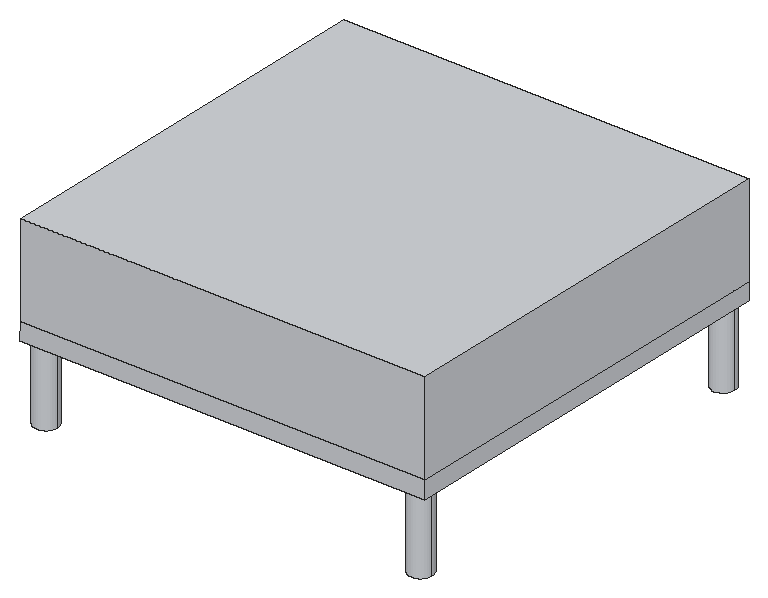
Revit family "Outdoor_Modular_Furniture_-_Corner_Ottoman_17930", category Мебель, Revit 2017
Family settings
  Номер OmniClass = 23.40.20.00
  Заголовок OmniClass = General Furniture and Specialties
  На основе рабочей плоскости = Нет
  Всегда вертикально = Да
  При загрузке вырезать с полостями = Нет
  Общий = Нет
  Точка расчета площади = Нет
Parameters
  frame = none
  fabric = none
Reference planes (in)
  plane 1 "Center Front/Back": y = 0
  plane 2: z = 0
  plane 3 "Center Left/Right": x = 0
  plane 4: z = 8
  plane 5: z = 28
  plane 6: through (0, 0, 48) normal (-0.7071, 0.7071, 0)
Forms (in)
  Extrusion 1, solid, material <- "frame"
    sketch origin (0, 0, 0) x (1, 0, 0) y (0, 1, 0)
      loop
        line (-17.5, 17.5) -> (-17.5, -17.5) -> (17.5, -17.5) -> (17.5, 17.5) -> (-17.5, 17.5)
    from 8 to 6.503
  Extrusion 2, solid, material <- "frame"
    sketch origin (0, 0, 0) x (1, 0, 0) y (0, 1, 0)
      loop
        circle (-16.26256, -16.26256) r 1
    from 0 to 6.503
  Extrusion 3, solid, material <- "frame"
    sketch origin (0, 0, 0) x (1, 0, 0) y (0, 1, 0)
      loop
        circle (-16.2448, 16.38365) r 1
      loop
        circle (16.2448, 16.38365) r 1
      loop
        circle (16.2448, -16.38365) r 1
    from 0 to 8
  Extrusion 4, solid, material <- "fabric"
    sketch origin (0, 0, 0) x (1, 0, 0) y (0, 1, 0)
      loop
        line (-17.5, 17.5) -> (-17.5, -17.5) -> (17.5, -17.5) -> (17.5, 17.5) -> (-17.5, 17.5)
    from 8 to 16
Cuts and joins
  joined: Extrusion 1, Extrusion 2, Extrusion 3
Dimensions and locks (in)
  aligned and locked: level to plane 2
